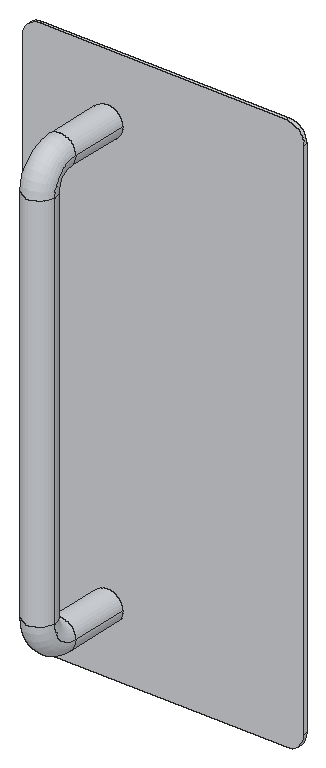
Revit family "BG_DORc_NestedHandle-Type2", category Doors, Revit 2020
Family settings
  Work Plane-Based = Yes
  Always vertical = Yes
  Cut with Voids When Loaded = No
  Shared = No
  Room Calculation Point = No
Parameters (values of type "Typical")
  Plate = yes
  Hardware finish [instance] = none
  Finish [instance] = none
  Define Thermal Properties by = Schematic Type
  Default Elevation = 1219.2 mm
  Analytic Construction = "<None>"
Reference planes
  plane 1 "Center (Front/Back)": y = 0
  plane 2: z = 0
  plane 3 "Center (Left/Right)": x = 0
Forms (mm)
  Extrusion 1, solid, material <- "Hardware finish"
    sketch origin (32.25, 0, 0) x (-1, 0, 0) y (0, 0, -1)
      loop
        line (-71, -162) -> (71, -162)
        arc (71, -162) -> (78.071, -159.071) -> (81, -152) r 10
        line (81, -152) -> (81, 152)
        arc (81, 152) -> (78.071, 159.071) -> (71, 162) r 10
        line (71, 162) -> (-71, 162)
        arc (-71, 162) -> (-78.071, 159.071) -> (-81, 152) r 10
        line (-81, 152) -> (-81, -152)
        arc (-81, -152) -> (-78.071, -159.071) -> (-71, -162) r 10
      loop
        circle (32.25, -125) r 8.75
      loop
        circle (32.25, 125) r 8.75
    from 0 to 2
  Sweep 2, solid, material <- "Hardware finish"
    path origin (32.25, 0, 15) x (0, 1, 0) y (0, 0, -1)
      loop
        line (0, -110) -> (-35.75, -110)
        arc (-35.75, -110) -> (-46.357, -105.607) -> (-50.75, -95) r 15
        line (-50.75, -95) -> (-50.75, 125)
        arc (-50.75, 125) -> (-46.357, 135.607) -> (-35.75, 140) r 15
        line (-35.75, 140) -> (0, 140)
    profile origin (32.25, -17.875, 125) x (0, 0, 1) y (-1, 0, 0)
      loop
        circle (0, 32.25) r 8.75
Dimensions and locks
  aligned and locked: level to plane 2
